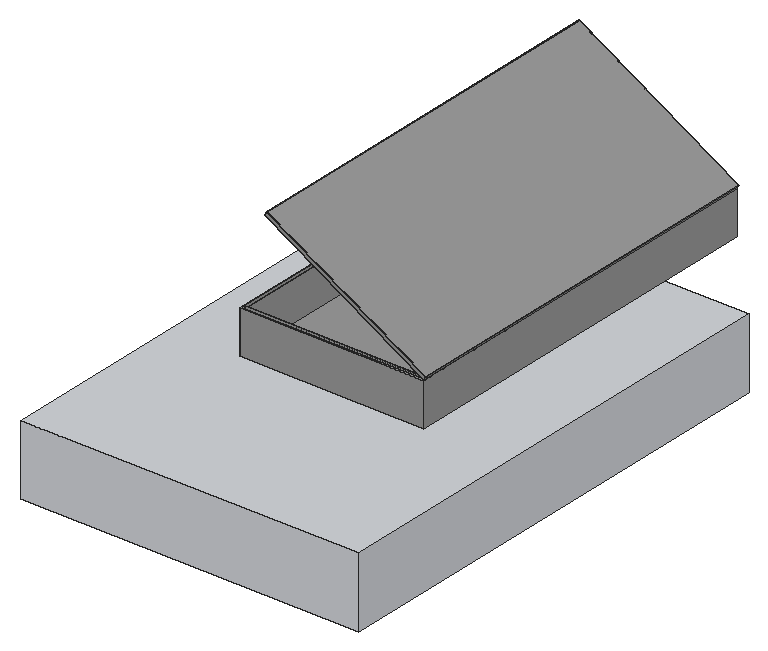
Revit family "Hager-Univers-IP44-D205-H1700-Cl.I-encl-PL-pl", category Equipement électrique, Revit 2020
Family settings
  Hôte = Face
  Configuration du panneau = Deux colonnes, circuits au sein
  Cote de connecteur circulaire = Utiliser le diamètre
  Type d'élément = Tableau de raccordement
  Couper avec des vides une fois chargée = Non
  Partagée = Non
  Point de calcul de pièce = Non
Parameters (values of type "Montaż natynkowy IP44 S800 W1700 G205  - FP13TN2")
  Width Control [instance] = if([EF000008 - Szerokość] > Min Width, [EF000008 - Szerokość], Min Width)  # 800 mm
  Commentaires du type = [HG000003 - Zakres]  # "Univers"
  Thickness Door [instance] = if([EF009171 - Drzwi/pokrywa z materiału o wysokiej wytrzymałości mechanicznej] > 3 mm, 3 mm, [EF009171 - Drzwi/pokrywa z materiału o wysokiej wytrzymałości mechanicznej])  # 1 mm
  Seal Frame Offset [instance] = 17 mm  # constant formula
  Plinth Visibility [instance] = [HG000027 - Wysokość cokołu] > 0 mm  # no
  Model = ""
  Min Width [instance] = 100 mm  # constant formula
  Min Height [instance] = 100 mm  # constant formula
  Min Depth [instance] = (2 * [EF009170 - Obudowa z materiału o wysokiej wytrzymałości mechanicznej]) + 1 mm  # 3 mm
  Internal Frame Depth [instance] = (Door System Depth * 0.5)  # 9 mm
  Height Control [instance] = if([EF000040 - Wysokość] > Min Height, [EF000040 - Wysokość], Min Height)  # 1700 mm
  HG000027 - Wysokość cokołu = 0 mm
  HG000026 - Stojąca = no
  HG000024 - Wysokość części dolnej = 800 mm
  HG000023 - Obudowa dwusekcyjna = no
  HG000016 - Widoczność drzwi w widoku 3D [instance] = yes
  HG000015 - Przestrzeń robocza - otwarcie drzwi [instance] = no
  HG000014 - Drzwi prawe [instance] = yes
  HG000013 - Drzwi lewe [instance] = not([HG000014 - Drzwi prawe])  # no
  HG000012 - Kąt otwarcia drzwi [instance] = 30.00°
  HG000010 - Drzwi asymetryczne = no
  HG000009 - Drzwi dwuskrzydłowe = no
  HG000006 - Montaż podtynkowy = no
  HG000004 - Referencja producenta = "FP13TN2"
  HG000003 - Zakres = "Univers"
  HG000002 - Z drzwiami lub pokrywą = yes
  Frame Offset Bottom [instance] = 10 mm  # constant formula
  Frame Offset [instance] = 15 mm  # constant formula
  EF015940 - Pokrywa z wyzwalaczem nadciśnieniowym = no
  EF011959 - Stopień ochrony (NEMA) = ""
  EF009554 - Liczba otworów pod flansze = 6
  Fabricant = "Hager"  # constant formula
  EF009212 - Wykonanie pokrywy = "EV000116 - Zamknięty"
  EF009171 - Drzwi/pokrywa z materiału o wysokiej wytrzymałości mechanicznej = 1 mm
  EF009170 - Obudowa z materiału o wysokiej wytrzymałości mechanicznej = 1 mm
  EF008873 - Prąd znamionowy (In) = 400 A
  EF007800 - Do ochrony odgromowej = no
  EF006306 - Z zamkiem = no
  EF006244 - Transparentna pokrywa/drzwi = no
  EF005474 - Stopień ochrony (IP) = "EV006418 - IP44"
  EF004464 - Rodzaj drzwi = "EV002646 - Pojedynczy"
  EF004427 - Liczba modułów = 396
  EF004293 - Odporność udarowa = "EV006815 - IK09"
  EF003532 - Do zastosowań zewnętrznych = no
  EF002950 - Szerokość wyrażona liczbą modułów = 36
  EF001613 - Podtrzymanie funkcji = "EV000494 - Brak"
  EF001596 - Materiał obudowy = "EV000179 - Stal"
  EF001131 - Głębokość wewnętrzna = 205 mm
  EF001088 - Możliwość rozbudowy = yes
  EF000437 - Liczba wejść kablowych = 6
  EF000339 - Rodzaj pokrywy = "EV001012 - Pokrywa"
  EF000266 - Liczba rzędów = 11
  EF000218 - Głębokość wbudowania = 205 mm
  EF000118 - Z płytą montażową = no
  EF000116 - Numer RAL = "9010"
  EF000049 - Głębokość = 205 mm
  EF000040 - Wysokość = 1700 mm
  EF000008 - Szerokość = 800 mm
  EF000007 - Kolor = "EV000202 - Biały"
  EF000003 - Sposób montażu = "EV000384 - Montaż natynkowy"
  Door System Leaf Tolerance [instance] = 1.5 mm  # constant formula
  Door System Depth [instance] = 18 mm  # constant formula
  Door Height [instance] = Height Control - [HG000027 - Wysokość cokołu]  # 1700 mm
  Depth Control [instance] = if([EF000049 - Głębokość] > Min Depth, [EF000049 - Głębokość], Min Depth)  # 205 mm
  Default Elevation = 0 mm
  Connector Offset [instance] = Height Control / 2  # 850 mm
  Bottom Top Plate Trim [instance] = 1.5 mm  # constant formula
  Plinth height Ctrl [instance] = if([HG000027 - Wysokość cokołu] > 0 mm, [HG000027 - Wysokość cokołu], 12 mm)  # 12 mm
Types (4, lengths in mm): name | Width Control | HG000010 - Drzwi asymetryczne | HG000009 - Drzwi dwuskrzydłowe | HG000004 - Referencja producenta | EF009554 - Liczba otworów pod flansze | EF008873 - Prąd znamionowy (In) | EF004464 - Rodzaj drzwi | EF004427 - Liczba modułów | EF002950 - Szerokość wyrażona liczbą modułów | EF000437 - Liczba wejść kablowych | EF000008 - Szerokość
  Montaż natynkowy IP44 S1300 W1700 G205  - FP15TN2 | 1300 | yes | yes | "FP15TN2" | 10 | 400 A | "EV003602 - Podwójny" | 660 | 60 | 10 | 1300
  Montaż natynkowy IP44 S300 W1700 G205  - FP11TN2 | 300 | no | no | "FP11TN2" | 2 | 250 A | "EV002646 - Pojedynczy" | 132 | 12 | 2 | 300
  Montaż natynkowy IP44 S550 W1700 G205  - FP12TN2 | 550 | no | no | "FP12TN2" | 4 | 250 A | "EV002646 - Pojedynczy" | 264 | 24 | 4 | 550
  Montaż natynkowy IP44 S800 W1700 G205  - FP13TN2 | 800 | no | no | "FP13TN2" | 6 | 400 A | "EV002646 - Pojedynczy" | 396 | 36 | 6 | 800
Reference planes
  plane 1 "Center (Front/Back)": y = 0
  plane 2: z = 0
  plane 3 "Center (Left/Right)": x = 0
  plane 4: z = 205
  plane 5: y = 1
  plane 6: y = 850
  plane 7: y = 0
  plane 8: y = 1700
  plane 9: z = 0
  plane 10: x = -385
  plane 11: x = 385
  plane 12: x = 384
  plane 13: x = -384
  plane 14: y = 1699
  plane 15: x = -383
  plane 16: x = -400
  plane 17: x = 383
  plane 18: x = 400
  plane 19: x = 399
  plane 20: x = -399
  plane 21: y = 11
  plane 22: y = 1700
  plane 23: y = 1684
  plane 24: z = 187
  plane 25: z = 1
  plane 26: z = 186
  plane 27: z = 204
Forms (mm)
  Extrusion 1, solid
    sketch origin (0, 0, 0) x (1, 0, 0) y (0, 1, 0)
      loop
        line (-702.964, 1305) -> (-702.964, -811.445) -> (766.763, -811.445) -> (766.763, 1305) -> (-702.964, 1305)
    from 0 to -304.8
  Extrusion 2, solid, material "Hager_Steel_RAL7035_Light_Grey", visible <- "Plinth Visibility", detail levels medium+fine
    sketch origin (0, 0, 0) x (1, 0, 0) y (0, 1, 0)
      loop
        line (-400, 0) -> (400, 0) -> (400, 12) -> (-400, 12) -> (-400, 0)
    from 0 to 187
  Extrusion 3, solid, material "Hager_Steel_RAL7035_Light_Grey", detail levels medium+fine
    sketch origin (0, 0, 0) x (1, 0, 0) y (0, 1, 0)
      loop
        line (-400, 0) -> (400, 0) -> (400, 1700) -> (-400, 1700) -> (-400, 0)
    from 0 to 187
  Extrusion 4, void
    sketch origin (0, 0, 0) x (1, 0, 0) y (0, 1, 0)
      loop
        line (-399, 1) -> (399, 1) -> (399, 1699) -> (-399, 1699) -> (-399, 1)
    from 1 to 186
  Extrusion 5, void
    sketch origin (-381.607, -4572, 187) x (0, -1, 0) y (-1, 0, 0)
      loop
        line (-4583, 2.393) -> (-6256, 2.393) -> (-6256, -765.607) -> (-4583, -765.607) -> (-4583, 2.393)
    from 0 to 1 <- "EF009170 - Obudowa z materiału o wysokiej wytrzymałości mechanicznej"
  Extrusion 6, solid, material "Hager_Steel_RAL7035_Light_Grey", detail levels fine
    sketch origin (0, 0, 187) x (1, 0, 0) y (0, 1, 0)
      loop
        line (-384, 1684) -> (-384, 11) -> (384, 11) -> (384, 1684) -> (-384, 1684)
      loop
        line (-385, 10) -> (385, 10) -> (385, 1685) -> (-385, 1685) -> (-385, 10)
    from 0 to 9 <- "Internal Frame Depth"
  Extrusion 7, solid, material "Hager_Steel_RAL7035_Light_Grey", detail levels coarse
    sketch origin (0, 0, 0) x (1, 0, 0) y (0, 1, 0)
      loop
        line (-400, 0) -> (400, 0) -> (400, 1700) -> (-400, 1700) -> (-400, 0)
    from 0 to 205
  Sweep 8, void
    path in 3D
      loop
        line (-400, 12, 0) -> (400, 12, 0) -> (400, 12, 187) -> (-400, 12, 187) -> (-400, 12, 0)
    profile origin (-400, 12, 93.5) x (-1, 0, 0) y (0, -1, 0)
      loop
        line (0, 0) -> (0, 1.5) -> (-1.5, 1.5)
        arc (-1.5, 1.5) -> (-1.061, 0.439) -> (0, 0) r 1.5
Cuts and joins
  Extrusion 4, Extrusion 5 cuts Extrusion 3
  Sweep 8 cuts Extrusion 2
Lines and regions (mm)
  Masking region 1
    outline origin (0, 0, 0) x (1, 0, 0) y (0, 0, 1)
      loop
        line (-400, 205) -> (-400, 0) -> (400, 0) -> (400, 205) -> (-400, 205)
  Masking region 2, detail levels medium+fine
    outline origin (0, 140, 0) x (0, 1, 0) y (0, 0, 1)
      loop
        line (-140, 0) -> (1560, 0) -> (1560, 187) -> (-140, 187) -> (-140, 0)
  Masking region 3, not visible, detail levels medium+fine
    outline origin (0, 297.922, 0) x (0, 1, 0) y (0, 0, 1)
      loop
        line (563.578, 0) -> (603.578, 0) -> (603.578, 194)
        arc (603.578, 194) -> (600.649, 201.071) -> (593.578, 204) r 10
        line (593.578, 204) -> (563.578, 204) -> (563.578, 0)
  Masking region 4, detail levels coarse
    outline origin (0, 0, 180) x (0, 1, 0) y (0, 0, 1)
      loop
        line (0, -180) -> (1700, -180) -> (1700, 25) -> (0, 25) -> (0, -180)
  Masking region 5, visible <- "Plinth Visibility", detail levels medium+fine
    outline origin (0, 52.24, 12.345) x (0, 0, -1) y (0, 1, 0)
      loop
        line (10.845, -40.24) -> (-173.155, -40.24)
        arc (-173.155, -40.24) -> (-173.594, -41.301) -> (-174.655, -41.74) r 1.5
        line (-174.655, -41.74) -> (-174.655, -52.24) -> (12.345, -52.24) -> (12.345, -41.74)
        arc (12.345, -41.74) -> (11.285, -41.301) -> (10.845, -40.24) r 1.5
  Masking region 6, detail levels medium+fine
    outline origin (-381.607, -4572, 187) x (-1, 0, 0) y (0, -1, 0)
      loop
        line (18.393, -6272) -> (18.393, -4572) -> (-781.607, -4572) -> (-781.607, -6272) -> (18.393, -6272)
  Masking region 7, visible <- "Plinth Visibility", detail levels medium+fine
    outline origin (-381.607, -4727, 187) x (-1, 0, 0) y (0, -1, 0)
      loop
        arc (16.893, -4739) -> (17.332, -4737.939) -> (18.393, -4737.5) r 1.5
        line (18.393, -4737.5) -> (18.393, -4727) -> (-781.607, -4727) -> (-781.607, -4737.5)
        arc (-781.607, -4737.5) -> (-780.546, -4737.939) -> (-780.107, -4739) r 1.5
        line (-780.107, -4739) -> (16.893, -4739)
  Masking region 8, detail levels coarse
    outline origin (-442.548, -4669.526, 187) x (-1, 0, 0) y (0, -1, 0)
      loop
        line (-42.548, -6369.526) -> (-42.548, -4669.526) -> (-842.548, -4669.526) -> (-842.548, -6369.526) -> (-42.548, -6369.526)
  sketch lines
    curve 1: line (-400, 12, 187) -> (-400, 12, 0)
    curve 2: line (400, 12, 187) -> (-400, 12, 187)
    curve 3: line (400, 12, 187) -> (400, 12, 0)
    curve 4: line (-400, 12, 0) -> (400, 12, 0)
Dimensions and locks
  "Depth Control": plane 4 to Extrusion 1
  "HG000027 - Wysokość cokołu": plane 1 "Center (Front/Back)" to plane 7
  "EF009170 - Obudowa z materiału o wysokiej wytrzymałości mechanicznej": plane 5 to plane 7
  locked: connector elem to plane 3 "Center (Left/Right)"
  equal spacing: plane 8, plane 6, plane 7
  locked: connector elem to plane 6
  "EF009170 - Obudowa z materiału o wysokiej wytrzymałości mechanicznej": plane 8 to plane 14
  "EF009170 - Obudowa z materiału o wysokiej wytrzymałości mechanicznej": plane 10 to plane 13
  "EF009170 - Obudowa z materiału o wysokiej wytrzymałości mechanicznej": plane 12 to plane 11
  "Frame Offset": plane 20 to plane 13
  "Frame Offset": plane 12 to plane 19
  "EF009170 - Obudowa z materiału o wysokiej wytrzymałości mechanicznej": plane 16 to plane 20
  "EF009170 - Obudowa z materiału o wysokiej wytrzymałości mechanicznej": plane 19 to plane 18
  "Seal Frame Offset": plane 16 to plane 15
  "Seal Frame Offset": plane 17 to plane 18
  "Frame Offset Bottom": plane 21 to plane 5
  "Frame Offset": plane 14 to plane 23
  equal spacing: plane 16, plane 3 "Center (Left/Right)", plane 18
  "Width Control": plane 16 to plane 18
  "EF009170 - Obudowa z materiału o wysokiej wytrzymałości mechanicznej": plane 4 to plane 27
  "EF009170 - Obudowa z materiału o wysokiej wytrzymałości mechanicznej": plane 24 to plane 26
  "EF009170 - Obudowa z materiału o wysokiej wytrzymałości mechanicznej": plane 25 to level
  "Door System Depth": plane 4 to plane 24
  "Height Control": plane 1 "Center (Front/Back)" to Extrusion 7 sketch curve
  "Height Control": Masking region 4 sketch curve to plane 1 "Center (Front/Back)"
  "Height Control": plane 1 "Center (Front/Back)" to plane 22
  "Bottom Top Plate Trim": profile plane to Sweep 8 sketch curve
  "Bottom Top Plate Trim": Sweep 8 sketch curve to profile plane
  "Plinth height Ctrl": plane 1 "Center (Front/Back)" to Extrusion 2 sketch curve
  "Plinth height Ctrl": Masking region 5 sketch curve to plane 1 "Center (Front/Back)"
  "Plinth height Ctrl": plane 1 "Center (Front/Back)" to Masking region 7 sketch curve
  "Thickness Door": Extrusion 6 sketch curve to Extrusion 6 sketch curve  (x3)
  "Thickness Door": cut or joined group of Extrusion 3, Extrusion 4, Extrusion 5 to Extrusion 6 sketch curve
  radius of Masking region 3 sketch curve = 10 mm
  "Bottom Top Plate Trim": radius of Masking region 5 sketch curve  (x2)
  "Bottom Top Plate Trim": radius of Sweep 8 sketch curve
  "Bottom Top Plate Trim": radius of Masking region 7 sketch curve  (x2)
  aligned and locked: plane 2 to Extrusion 1
  aligned and locked: level to Extrusion 1
  aligned and locked: level to Masking region 1 sketch curve
  aligned and locked: Masking region 1 sketch curve to plane 18
  aligned and locked: Masking region 1 sketch curve to plane 16
  aligned and locked: plane 7 to Masking region 2 sketch curve
  aligned and locked: level to Masking region 3 sketch curve
  aligned and locked: Masking region 3 sketch curve to plane 27
  aligned and locked: level to Masking region 2 sketch curve
  aligned and locked: plane 1 "Center (Front/Back)" to Extrusion 2 sketch curve
  aligned and locked: Extrusion 3 sketch curve to plane 7
  aligned and locked: plane 16 to Extrusion 3 sketch curve
  aligned and locked: plane 18 to Extrusion 3 sketch curve
  aligned and locked: plane 20 to Extrusion 4 sketch curve
  aligned and locked: plane 19 to Extrusion 4 sketch curve
  aligned and locked: Extrusion 4 sketch curve to plane 5
  aligned and locked: Extrusion 4 to plane 25
  aligned and locked: plane 26 to Extrusion 4
  aligned and locked: plane 24 to Extrusion 3
  aligned and locked: Extrusion 5 sketch curve to plane 21
  aligned and locked: Extrusion 5 sketch curve to plane 13
  aligned and locked: Extrusion 5 sketch curve to plane 12
  aligned and locked: plane 18 to Extrusion 7 sketch curve
  aligned and locked: plane 1 "Center (Front/Back)" to Extrusion 7 sketch curve
  aligned and locked: plane 16 to Extrusion 7 sketch curve
  aligned and locked: plane 4 to Extrusion 7
  aligned and locked: Extrusion 7 to level
  aligned and locked: level to Masking region 4 sketch curve
  aligned and locked: Masking region 4 sketch curve to plane 1 "Center (Front/Back)"
  aligned and locked: Masking region 4 sketch curve to plane 4
  aligned and locked: nested 1 to level
  aligned and locked: nested 1 to plane 16
  aligned and locked: plane 8 to Extrusion 3 sketch curve
  aligned and locked: plane 23 to Extrusion 5 sketch curve
  aligned and locked: plane 14 to Extrusion 4 sketch curve
  aligned and locked: Masking region 2 sketch curve to plane 8
  aligned and locked: level to Masking region 5 sketch curve
  aligned and locked: plane 16 to Extrusion 2 sketch curve
  aligned and locked: plane 18 to Extrusion 2 sketch curve
  aligned and locked: Masking region 5 sketch curve to plane 24
  aligned and locked: Masking region 2 sketch curve to plane 24
  aligned and locked: plane 24 to Extrusion 2
  aligned and locked: profile plane to Sweep 8 sketch curve  (x2)
  aligned and locked: Masking region 6 sketch curve to plane 18
  aligned and locked: Masking region 6 sketch curve to plane 22
  aligned and locked: Masking region 6 sketch curve to plane 16
  aligned and locked: plane 8 to plane 22
  aligned and locked: Masking region 6 sketch curve to plane 7
  aligned and locked: Masking region 7 sketch curve to plane 16
  aligned and locked: Masking region 7 sketch curve to plane 1 "Center (Front/Back)"
  aligned and locked: Masking region 7 sketch curve to plane 18
  aligned and locked: Masking region 8 sketch curve to plane 1 "Center (Front/Back)"
  aligned and locked: Masking region 8 sketch curve to plane 18
  aligned and locked: Masking region 8 sketch curve to plane 22
  aligned and locked: Masking region 8 sketch curve to plane 16
  aligned and locked: nested 2 to plane 7
  aligned and locked: plane 3 "Center (Left/Right)" to nested 2
  aligned and locked: nested 2 to plane 24
  aligned and locked: Extrusion 6 sketch curve to cut or joined group of Extrusion 3, Extrusion 4, Extrusion 5  (x4)
Automatic sketch dimensions
  Extrusion 1 sketch curve to Extrusion 1 sketch curve = 1469.727 mm
  Extrusion 1 sketch curve to Extrusion 1 sketch curve = 2116.445 mm
  Masking region 1 sketch curve to plane 4 = 0 mm
  plane 6 to Masking region 3 sketch curve = 11.5 mm
  Masking region 3 sketch curve to Masking region 3 sketch curve = 30 mm
  Masking region 5 sketch curve to plane 1 "Center (Front/Back)" = 0 mm
Nested families
  nested 1: "Hager_Enclosure_Symbol" at (-400, 0, 0) x (1, 0, 0) z (0, -1, 0), Height <- "Depth Control", Width <- "Width Control", type "Hager_Enclosure_Symbol"
    with Width_Ctrl 800 mm, Width 800 mm, Height_Ctrl 205 mm, Height 205 mm, A_Width_Int 13.453 mm, A_Width 161.438 mm, A_Height_Ctrl 179.375 mm, A_Height 179.375 mm
  nested 2: "EC000058_Univers_Door" at (0, 0, 187) x (1, 0, 0) z (0, 1, 0), Leaf_Tolerance <- "Door System Leaf Tolerance", Angle <- "HG000012 - Kąt otwarcia drzwi", Door_Depth <- "Door System Depth", Door_Left <- "HG000013 - Drzwi lewe", Transparent <- "EF006244 - Transparentna pokrywa/drzwi", Assymetrical <- "HG000010 - Drzwi asymetryczne", Width <- "Width Control", Clearance <- "HG000015 - Przestrzeń robocza - otwarcie drzwi", Double <- "HG000009 - Drzwi dwuskrzydłowe", 3d_Door <- "HG000016 - Widoczność drzwi w widoku 3D", Lock_Visibility <- "EF006306 - Z zamkiem", Width_Ctrl <- "Width Control", Door_Right <- "HG000014 - Drzwi prawe", Door <- "HG000002 - Z drzwiami lub pokrywą", Height <- "Door Height", Thickness <- "Thickness Door", type "EC000058_Univers_Door", detail levels medium+fine
    with min_wh 3 mm, Width_Ctrl 800 mm, Width 800 mm, Transparent no, Thickness 1 mm, Seal_Material Hager_Rubber, Lock_Visibility no, Lock_Material Hager_Plastic_RAL9005_Jet_Black, Leaf_Width 800 mm, Leaf_Tolerance_External_Sides 0 mm, Leaf_Tolerance 1.5 mm, Leaf_Offset 0 mm, Leaf_Height 1697 mm, Leaf_2_Width 800 mm, Leaf_2_Offset 400 mm, Leaf_1_Width 800 mm, Leaf_1_Offset 400 mm, Height_Ctrl 1700 mm, Height 1700 mm, Glass_Material Hager_Glass, Double_Clearance_Ctrl no, Double no, Door_Right_Ctrl yes, Door_Right yes, Door_Material Hager_Steel_RAL7035_Light_Grey, Door_Left_Ctrl no, Door_Left no, Door_Depth 18 mm, Door yes, Clearance_Material Hager_Clearance, Clearance_Depth 800 mm, Clearance_Ctrl no, Clearance no, Assymetrical no, Angle 30.00°, 3d_Door yes
Connectors
  electrical at (0, 850, 0)
    settings: on plane 9, index 1, voltage 0 V, apparent load 0 VA, apparent load phase1 0 VA, apparent load phase2 0 VA, apparent load phase3 0 VA, power factor 1, load classification "Other", number of poles 1, system type 30, power factor state 1, is connector primary yes, connector utility no, sub classification motor no, connector description ""
Definition of nested family "EC000058_Univers_Door"
  Parameters (values of type "EC000058_Univers_Door")
    min_wh [instance] = (2 * Thickness) + 1 mm  # 11 mm
    Width_Ctrl [instance] = 400 mm
    Width [instance] = 500 mm
    Transparent [instance] = yes
    Thickness [instance] = 5 mm
    Seal_Material [instance] = none
    Lock_Visibility [instance] = yes
    Lock_Material [instance] = none
    Leaf_Width [instance] = if((Width_Ctrl - 2 * Leaf_Tolerance_External_Sides) > 0 mm, (Width_Ctrl - 2 * Leaf_Tolerance_External_Sides), min_wh)  # 400 mm
    Leaf_Tolerance_External_Sides [instance] = 0 mm  # constant formula
    Leaf_Tolerance [instance] = 1.5 mm
    Leaf_Offset [instance] = 0 mm  # constant formula
    Leaf_Height [instance] = if((Height_Ctrl - 2 * Leaf_Tolerance) > 0 mm, (Height_Ctrl - 2 * Leaf_Tolerance), min_wh)  # 497 mm
    Leaf_2_Width [instance] = if(and(and(Double, Assymetrical), Door_Left), (Leaf_Width / 3) - (Leaf_Tolerance / 2), if(and(and(Double, Assymetrical), Door_Right), (Leaf_Width / 3) * 2 - (Leaf_Tolerance / 2), if(and(Double, not(Assymetrical)), (Leaf_Width / 2) - Leaf_Tolerance, Leaf_Width)))  # 400 mm
    Leaf_2_Offset [instance] = if(and(Double, Assymetrical), Leaf_2_Width / 2, if(and(Double, not(Assymetrical)), Leaf_Width / 4, Leaf_Width / 2))  # 200 mm
    Leaf_1_Width [instance] = if(and(and(Double, Assymetrical), Door_Right), (Leaf_Width / 3) - (Leaf_Tolerance / 2), if(and(and(Double, Assymetrical), Door_Left), (Width / 3) * 2 - (Leaf_Tolerance / 2), if(and(Double, not(Assymetrical)), (Leaf_Width / 2) - Leaf_Tolerance, Leaf_Width)))  # 400 mm
    Leaf_1_Offset [instance] = if(and(Double, Assymetrical), Leaf_1_Width / 2, if(and(Double, not(Assymetrical)), Leaf_Width / 4, Leaf_Width / 2))  # 200 mm
    Height_Ctrl [instance] = if(Height > min_wh, Height, min_wh)  # 500 mm
    Height [instance] = 500 mm
    Glass_Material [instance] = none
    Double_Clearance_Ctrl [instance] = and(Double, Clearance)  # no
    Double [instance] = no
    Door_Right_Ctrl [instance] = and(or(Door_Right, Double), Door)  # yes
    Door_Right [instance] = yes
    Door_Material [instance] = none
    Door_Left_Ctrl [instance] = and(or(Door_Left, Double), Door)  # no
    Door_Left [instance] = no
    Door_Depth [instance] = 30 mm
    Door [instance] = yes
    Default Elevation = 1219.2 mm
    Clearance_Material [instance] = none
    Clearance_Depth [instance] = if(Leaf_1_Width > Leaf_2_Width, Leaf_1_Width, Leaf_2_Width)  # 400 mm
    Clearance_Ctrl [instance] = and(not(Double), Clearance)  # yes
    Clearance [instance] = yes
    Assymetrical [instance] = yes
    Angle [instance] = 30.00°
    3d_Door [instance] = yes
  Reference planes
    plane 1 "Center (Front/Back)": y = 0
    plane 2 "Bottom": z = 0
    plane 3 "Center (Left/Right)": x = 0
    plane 4: z = 500
    plane 5: x = -200
    plane 6: x = 200
    plane 7: z = 500
    plane 8: x = -200
    plane 9: z = 0
    plane 10: x = 200
    plane 11: y = 0
    plane 12: z = 1.5
    plane 13: x = -600
    plane 14: y = -400
    plane 15: x = 600
    plane 16: x = 0
    plane 17: x = 0
    plane 18: x = -200
    plane 19: x = 200
    plane 20: z = 498.5
  Forms (mm)
    Extrusion 1, solid, material <- "Clearance_Material", visible <- "Double_Clearance_Ctrl"
      sketch origin (1200, 0, 0) x (1, 0, 0) y (0, 0, -1)
        loop
          line (-1800, -498.5) -> (-600, -498.5) -> (-600, 0) -> (-1800, 0) -> (-1800, -498.5)
      from 0 to -400
  Dimensions and locks
    equal spacing: plane 5, plane 3 "Center (Left/Right)", plane 6
    "Width_Ctrl": plane 5 to plane 6
    "Leaf_Offset": plane 5 to plane 8
    "Leaf_Offset": plane 6 to plane 10
    "Leaf_Offset": plane 9 to level
    "Leaf_Offset": plane 4 to plane 7
    "Height_Ctrl": plane 4 to level
    "Leaf_Tolerance": plane 12 to plane 9
    locked: plane 11 to plane 1 "Center (Front/Back)"
    "Leaf_1_Offset": plane 18 to plane 16
    "Leaf_2_Offset": plane 17 to plane 19
    "Leaf_1_Width": plane 13 to plane 8
    "Leaf_2_Width": plane 10 to plane 15
    "Clearance_Depth": plane 14 to plane 1 "Center (Front/Back)"
    "Leaf_Tolerance_External_Sides": plane 8 to plane 18
    "Leaf_Tolerance_External_Sides": plane 19 to plane 10
    "Leaf_Tolerance": plane 7 to plane 20
    aligned and locked: level to plane 2 "Bottom"
    aligned and locked: nested 1 to plane 16
    aligned and locked: nested 2 to plane 17
    aligned and locked: Extrusion 1 to plane 13
    aligned and locked: plane 15 to Extrusion 1
    aligned and locked: Extrusion 1 to plane 14
    aligned and locked: plane 12 to nested 1
    aligned and locked: nested 2 to plane 12
    aligned and locked: Extrusion 1 to plane 11
    aligned and locked: plane 20 to Extrusion 1
    aligned and locked: nested 2 to plane 11
    aligned and locked: nested 1 to plane 11
  Automatic sketch dimensions
    Extrusion 1 sketch curve to level = 0 mm
    plane 5 to Extrusion 1 sketch curve = 400 mm
    plane 6 to Extrusion 1 sketch curve = 400 mm
    Extrusion 1 sketch curve to plane 4 = 1.5 mm
  Nested families
    nested 1: "EC000058_Univers_Door_Leaf" at (0, 0, 1.5), Width <- "Leaf_1_Width", visible <- "Door_Left_Ctrl", Leaf_Height <- "Leaf_Height", Angle <- "Angle", 3d_Door <- "3d_Door", Transparent <- "Transparent", Clearance Material <- "Clearance_Material", Clearance <- "Clearance_Ctrl", Door_Material <- "Door_Material", Glass_Material <- "Glass_Material", Door_Depth <- "Door_Depth", Lock_Material <- "Lock_Material", Seal_Material <- "Seal_Material", Lock_Visibility <- "Lock_Visibility", Thickness <- "Thickness", type "EC000058_Univers_Door_Leaf"
      with Width 400 mm, Transparent_Glass_Offset 30 mm, Transparent_Ctrl yes, Transparent yes, Thickness 5 mm, Standard no, Seal_Material none, Seal_D2 8 mm, Seal_D1 1 mm, Offset_Internal_Frame 10 mm, Lock_Width 20 mm, Lock_Visibility_3d yes, Lock_Visibility yes, Lock_Thickness_3 3 mm, Lock_Thickness_2 1 mm, Lock_Thickness_1 3 mm, Lock_Radius_Offset_2 16 mm, Lock_Radius_Offset_1 15 mm, Lock_Radius_2 5 mm, Lock_Radius 6 mm, Lock_Offset 5 mm, Lock_Material none, Lock_Height 80 mm, Lock_Cover_Top_Offset_2d 17 mm, Lock_Cover_Height -65 mm, Leaf_Height 497 mm, Internal_Seal_Thickness 8 mm, Internal_Seal_Depth_2 4.5 mm, Internal_Frame_Depth 25 mm, Glass_Thickness -1 mm, Glass_Offset -2 mm, Glass_Material none, Door_Material none, Door_Depth 30 mm, Clearance Material none, Clearance yes, Angle_Ctrl 30.00°, Angle 30.00°, 3d_Door yes
    nested 2: "EC000058_Univers_Door_Leaf" at (0, 0, 1.5) x (-1, 0, 0) z (0, 0, 1), Width <- "Leaf_2_Width", visible <- "Door_Right_Ctrl", Leaf_Height <- "Leaf_Height", Angle <- "Angle", 3d_Door <- "3d_Door", Transparent <- "Transparent", Clearance Material <- "Clearance_Material", Clearance <- "Clearance_Ctrl", Door_Material <- "Door_Material", Glass_Material <- "Glass_Material", Door_Depth <- "Door_Depth", Lock_Material <- "Lock_Material", Seal_Material <- "Seal_Material", Lock_Visibility <- "Lock_Visibility", Thickness <- "Thickness", type "EC000058_Univers_Door_Leaf"
      with Width 400 mm, Transparent_Glass_Offset 30 mm, Transparent_Ctrl yes, Transparent yes, Thickness 5 mm, Standard no, Seal_Material none, Seal_D2 8 mm, Seal_D1 1 mm, Offset_Internal_Frame 10 mm, Lock_Width 20 mm, Lock_Visibility_3d yes, Lock_Visibility yes, Lock_Thickness_3 3 mm, Lock_Thickness_2 1 mm, Lock_Thickness_1 3 mm, Lock_Radius_Offset_2 16 mm, Lock_Radius_Offset_1 15 mm, Lock_Radius_2 5 mm, Lock_Radius 6 mm, Lock_Offset 5 mm, Lock_Material none, Lock_Height 80 mm, Lock_Cover_Top_Offset_2d 17 mm, Lock_Cover_Height -65 mm, Leaf_Height 497 mm, Internal_Seal_Thickness 8 mm, Internal_Seal_Depth_2 4.5 mm, Internal_Frame_Depth 25 mm, Glass_Thickness -1 mm, Glass_Offset -2 mm, Glass_Material none, Door_Material none, Door_Depth 30 mm, Clearance Material none, Clearance yes, Angle_Ctrl 30.00°, Angle 30.00°, 3d_Door yes
  Definition of nested family "EC000058_Univers_Door_Leaf"
    Parameters (values of type "EC000058_Univers_Door_Leaf")
      Width [instance] = 2000 mm
      Transparent_Glass_Offset [instance] = 30 mm
      Transparent_Ctrl [instance] = and(Transparent, [3d_Door])  # yes
      Transparent [instance] = yes
      Thickness [instance] = 5 mm
      Standard [instance] = and(not(Transparent), [3d_Door])  # no
      Seal_Material [instance] = none
      Seal_D2 [instance] = 8 mm  # constant formula
      Seal_D1 [instance] = 1 mm  # constant formula
      Offset_Internal_Frame [instance] = 10 mm  # constant formula
      Lock_Width [instance] = 20 mm  # constant formula
      Lock_Visibility_3d [instance] = and(Lock_Visibility, [3d_Door])  # yes
      Lock_Visibility [instance] = yes
      Lock_Thickness_3 [instance] = 3 mm  # constant formula
      Lock_Thickness_2 [instance] = 1 mm  # constant formula
      Lock_Thickness_1 [instance] = 3 mm  # constant formula
      Lock_Radius_Offset_2 [instance] = Lock_Radius_Offset_1 + 1 mm  # 16 mm
      Lock_Radius_Offset_1 [instance] = 15 mm  # constant formula
      Lock_Radius_2 [instance] = Lock_Radius - 1 mm  # 5 mm
      Lock_Radius [instance] = 6 mm  # constant formula
      Lock_Offset [instance] = 5 mm  # constant formula
      Lock_Material [instance] = none
      Lock_Height [instance] = 80 mm  # constant formula
      Lock_Cover_Top_Offset_2d [instance] = Lock_Radius_Offset_2 + 1 mm  # 17 mm
      Lock_Cover_Height [instance] = -(Lock_Height - Lock_Radius_Offset_1)  # -65 mm
      Leaf_Height [instance] = 2720.336 mm
      Internal_Seal_Thickness [instance] = 8 mm  # constant formula
      Internal_Seal_Depth_2 [instance] = 4.5 mm  # constant formula
      Internal_Frame_Depth [instance] = if(Door_Depth - Thickness > 5 mm, Door_Depth - Thickness, 5 mm)  # 25 mm
      Glass_Thickness [instance] = if(Thickness > 15 mm, Glass_Offset + 10 mm, -1 mm)  # -1 mm
      Glass_Offset [instance] = if(Thickness > 15 mm, -(Thickness + 10 mm) / 2, -2 mm)  # -2 mm
      Glass_Material [instance] = none
      Door_Material [instance] = none
      Door_Depth [instance] = 30 mm
      Default Elevation = 0 mm
      Clearance Material [instance] = none
      Clearance [instance] = yes
      Angle_Ctrl [instance] = if(Angle > 180.00°, 180.00°, Angle)  # 90.00°
      Angle [instance] = 90.00°
      3d_Door [instance] = yes
    Reference planes
      plane 1 "Center (Front/Back)": y = 0
      plane 2: z = 0
      plane 3 "Center (Left/Right)": x = 0
      plane 4: y = 2000
      plane 5: x = -1000
      plane 6: x = 1000
      plane 7: x = -3000
      plane 8: z = 2720.336
      plane 9: z = 30
      plane 10: z = 2690.336
      plane 11: x = 970
      plane 12: x = -970
      plane 13: y = -3
      plane 14: z = 107.833
      plane 15: y = -5
      plane 16: y = -223.314
      plane 17: x = -1000
      plane 18: z = 1360.168
      plane 19: y = 30
    Forms (mm)
      Extrusion 1, solid, material <- "Clearance Material", visible <- "Clearance"
        sketch origin (0, 0, 0) x (1, 0, 0) y (0, 0, 1)
          loop
            line (-3000, 2720.336) -> (-3000, 0) -> (1000, 0) -> (1000, 2720.336) -> (-3000, 2720.336)
        from 0 to -2000
      Extrusion 2, solid, material <- "Door_Material", visible <- "Standard", detail levels medium+fine
        sketch origin (-1000, 0, 0) x (0, 1, 0) y (-1, 0, 0)
          loop
            line (0, 30) -> (0, 25) -> (2000, 25) -> (2000, 30) -> (0, 30)
        from 0 to 2720.336 <- "Leaf_Height"
      Extrusion 3, solid, material <- "Door_Material", visible <- "Transparent_Ctrl", detail levels medium+fine
        sketch origin (-1000, 0, 0) x (0, 1, 0) y (-1, 0, 0)
          loop
            line (0, 25) -> (2000, 25) -> (2000, 30) -> (0, 30) -> (0, 25)
        from 0 to 2720.336 <- "Leaf_Height"
      Extrusion 4, void
        sketch origin (-1025, 2000, 0) x (0, 1, 0) y (0, 0, -1)
          loop
            line (-30, -2690.336) -> (-30, -30) -> (-1970, -30) -> (-1970, -2690.336) -> (-30, -2690.336)
        from 0 to 5 <- "Thickness"
      Sweep 5, solid, material <- "Seal_Material", visible <- "Transparent_Ctrl", detail levels fine
        path in 3D
          loop
            line (-1025, 30, 30) -> (-1025, 30, 2690.336) -> (-1025, 1970, 2690.336) -> (-1025, 1970, 30) -> (-1025, 30, 30)
        profile origin (-1025, 1000, 30) x (1, 0, 0) y (0, 0, 1)
          loop
            line (0, 0) -> (0, -8) -> (1, -8) -> (1, 0) -> (0, 0)
      Extrusion 6, solid, material <- "Glass_Material", visible <- "Transparent_Ctrl", detail levels medium+fine
        sketch origin (-1030, 0, 0) x (0, 1, 0) y (0, 0, -1)
          loop
            line (1970, -2690.336) -> (1970, -30) -> (30, -30) -> (30, -2690.336) -> (1970, -2690.336)
        from -2 <- "Glass_Offset" to -1 <- "Glass_Thickness"
      Extrusion 7, solid, material <- "Door_Material", visible <- "3d_Door", detail levels medium+fine
        sketch origin (-1025, 2000, 0) x (0, -1, 0) y (0, 0, -1)
          loop
            line (0, -2720.336) -> (2000, -2720.336) -> (2000, 0) -> (0, 0) -> (0, -2720.336)
          loop
            line (1995, -5) -> (5, -5) -> (5, -2715.336) -> (1995, -2715.336) -> (1995, -5)
        from 0 to 25 <- "Internal_Frame_Depth"
      Sweep 8, solid, material <- "Seal_Material", visible <- "Transparent_Ctrl", detail levels fine
        path in 3D
          loop
            line (-1025, 0, 0) -> (-1025, 2000, 0) -> (-1025, 2000, 2720.336) -> (-1025, 0, 2720.336) -> (-1025, 0, 0)
        profile origin (-1025, 0, 1360.168) x (1, 0, 0) y (0, 1, 0)
          loop
            line (0, 10) -> (2.975, 10)
            arc (2.975, 10) -> (4.053, 10.447) -> (4.5, 11.525) r 1.525
            line (4.5, 11.525) -> (4.5, 16.527)
            arc (4.5, 16.527) -> (4.069, 17.569) -> (3.027, 18) r 1.473
            line (3.027, 18) -> (0, 18) -> (0, 10)
      Extrusion 9, solid, material <- "Lock_Material", visible <- "Lock_Visibility_3d", detail levels fine
        sketch origin (-1030, 0, 0) x (0, 1, 0) y (0, 0, -1)
          loop
            arc (1993.5, -1400.168) -> (1994.561, -1399.729) -> (1995, -1398.668) r 1.5
            line (1995, -1398.668) -> (1995, -1320.168) -> (1975, -1320.168) -> (1975, -1398.668)
            arc (1975, -1398.668) -> (1975.439, -1399.729) -> (1976.5, -1400.168) r 1.5
            line (1976.5, -1400.168) -> (1993.5, -1400.168)
        from 3 <- "Lock_Thickness_1" to 0
      Blend 10, solid, material <- "Lock_Material", visible <- "Lock_Visibility_3d", detail levels fine
        base sketch origin (-1033, 0, 0) x (0, 1, 0) y (0, 0, -1)
          loop
            line (1975, -1320.168) -> (1975, -1398.668)
            arc (1975, -1398.668) -> (1975.439, -1399.729) -> (1976.5, -1400.168) r 1.5
            line (1976.5, -1400.168) -> (1993.5, -1400.168)
            arc (1993.5, -1400.168) -> (1994.561, -1399.729) -> (1995, -1398.668) r 1.5
            line (1995, -1398.668) -> (1995, -1320.168) -> (1975, -1320.168)
        top sketch origin (-1033, 0, 0) x (0, 1, 0) y (0, 0, -1)
          loop
            line (1976, -1320.168) -> (1976, -1398.668)
            arc (1976, -1398.668) -> (1976.146, -1399.022) -> (1976.5, -1399.168) r 0.5
            line (1976.5, -1399.168) -> (1993.5, -1399.168)
            arc (1993.5, -1399.168) -> (1993.854, -1399.022) -> (1994, -1398.668) r 0.5
            line (1994, -1398.668) -> (1994, -1320.168) -> (1976, -1320.168)
        from 0 to 1 <- "Lock_Thickness_2"
      Blend 11, solid, material <- "Lock_Material", visible <- "Lock_Visibility_3d", detail levels fine
        base sketch origin (-1034, 0, 0) x (0, 1, 0) y (0, 0, -1)
          loop
            line (1978, -1320.168) -> (1978, -1384.168)
            arc (1978, -1384.168) -> (1985, -1391.168) -> (1992, -1384.168) r 7
            line (1992, -1384.168) -> (1992, -1320.168) -> (1978, -1320.168)
        top sketch origin (-1034, 0, 0) x (0, 1, 0) y (0, 0, -1)
          loop
            line (1991, -1320.168) -> (1979, -1320.168) -> (1979, -1383.168)
            arc (1979, -1383.168) -> (1985, -1389.168) -> (1991, -1383.168) r 6
            line (1991, -1383.168) -> (1991, -1320.168)
        from 0 to 3 <- "Lock_Thickness_3"
      Extrusion 12, solid, material <- "Lock_Material", visible <- "Lock_Visibility_3d", detail levels fine
        sketch origin (-1030, 1975, 1320.168) x (1, 0, 0) y (0, -1, 0)
          loop
            line (-7, -19) -> (-7, -1) -> (0, -1) -> (0, 0) -> (-8, 0) -> (-8, -20) -> (0, -20) -> (0, -19) -> (-7, -19)
        from 0 to -65 <- "Lock_Cover_Height"
      Extrusion 13, void
        sketch origin (-1038, 1995, 1320.168) x (-1, 0, 0) y (0, 0, -1)
          loop
            line (-5, -65) -> (0, -65) -> (-5, -60) -> (-5, -65)
        from 0 to 20 <- "Lock_Width"
      Extrusion 14, void
        sketch origin (-1038, 1975, 1320.168) x (0, -1, 0) y (0, 0, -1)
          loop
            circle (-10, -15.995) r 6
          loop
            circle (-10, -15.995) r 5
        from 0 to 2
      Extrusion 15, solid, material <- "Lock_Material", visible <- "Lock_Visibility_3d", detail levels medium
        sketch origin (-1030, 0, 0) x (0, 1, 0) y (0, 0, -1)
          loop
            arc (1993.5, -1400.168) -> (1994.561, -1399.729) -> (1995, -1398.668) r 1.5
            line (1995, -1398.668) -> (1995, -1320.168) -> (1975, -1320.168) -> (1975, -1398.668)
            arc (1975, -1398.668) -> (1975.439, -1399.729) -> (1976.5, -1400.168) r 1.5
            line (1976.5, -1400.168) -> (1993.5, -1400.168)
        from 8 to 0
    Cuts and joins
      Extrusion 4 cuts Extrusion 3
      Extrusion 13, Extrusion 14 cuts Extrusion 9
      Extrusion 14 cuts Blend 11
      Extrusion 13, Extrusion 14 cuts Extrusion 12
      joined: Extrusion 9, Blend 10, Blend 11, Extrusion 12
      Extrusion 14 cuts Extrusion 15
    Lines and regions (mm)
      Masking region 1, visible <- "Lock_Visibility", detail levels fine
        outline origin (0, 0, 0) x (0, 1, 0) y (0, 0, 1)
          loop
            line (30, 1320.168) -> (33, 1320.168) -> (33, 1400.168) -> (30, 1400.168) -> (30, 1320.168)
      Masking region 2, visible <- "Lock_Visibility", detail levels fine
        outline origin (0, 3.143, 0) x (0, 1, 0) y (0, 0, 1)
          loop
            line (29.857, 1354.168) -> (30.857, 1354.168) -> (30.857, 1366.168) -> (29.857, 1366.168) -> (29.857, 1354.168)
      Masking region 3, detail levels medium+fine
        outline origin (0, 0, 0) x (0, 1, 0) y (0, 0, 1)
          loop
            line (0, 0) -> (30, 0) -> (30, 2720.336) -> (0, 2720.336) -> (0, 0)
      Masking region 4, detail levels medium+fine
        outline origin (0, 0, 0) x (1, 0, 0) y (0, 0, 1)
          loop
            line (-1000, 2720.336) -> (-1000, 0) -> (1000, 0) -> (1000, 2720.336) -> (-1000, 2720.336)
      Masking region 5, visible <- "Lock_Visibility", detail levels fine
        outline origin (-47.116, 0, 0) x (1, 0, 0) y (0, 0, 1)
          loop
            arc (1024.616, 1399.168) -> (1023.556, 1398.729) -> (1023.116, 1397.668) r 1.5
            line (1023.116, 1397.668) -> (1023.116, 1320.168) -> (1041.116, 1320.168) -> (1041.116, 1397.668)
            arc (1041.116, 1397.668) -> (1040.677, 1398.729) -> (1039.616, 1399.168) r 1.5
            line (1039.616, 1399.168) -> (1024.616, 1399.168)
      Masking region 6, visible <- "Lock_Visibility", detail levels medium+fine
        outline origin (-25, 0, 0) x (1, 0, 0) y (0, 0, 1)
          loop
            arc (1001.5, 1400.168) -> (1000.439, 1399.729) -> (1000, 1398.668) r 1.5
            line (1000, 1398.668) -> (1000, 1320.168) -> (1020, 1320.168) -> (1020, 1398.668)
            arc (1020, 1398.668) -> (1019.561, 1399.729) -> (1018.5, 1400.168) r 1.5
            line (1018.5, 1400.168) -> (1001.5, 1400.168)
      Masking region 7, visible <- "Lock_Visibility", detail levels fine
        outline origin (-73.735, 0, 0) x (1, 0, 0) y (0, 0, 1)
          loop
            line (1051.735, 1382.168) -> (1065.735, 1382.168) -> (1065.735, 1384.168)
            arc (1065.735, 1384.168) -> (1058.735, 1391.168) -> (1051.735, 1384.168) r 7
            line (1051.735, 1384.168) -> (1051.735, 1382.168)
      Masking region 8, visible <- "Lock_Visibility", detail levels fine
        outline origin (-73.735, 0, 0) x (1, 0, 0) y (0, 0, 1)
          loop
            line (1052.735, 1382.168) -> (1064.735, 1382.168) -> (1064.735, 1383.168)
            arc (1064.735, 1383.168) -> (1058.735, 1389.168) -> (1052.735, 1383.168) r 6
            line (1052.735, 1383.168) -> (1052.735, 1382.168)
      Masking region 9, visible <- "Lock_Visibility", detail levels fine
        outline origin (-25, 0, 0) x (1, 0, 0) y (0, 0, 1)
          loop
            line (1020, 1320.168) -> (1020, 1382.168) -> (1000, 1382.168) -> (1000, 1320.168) -> (1020, 1320.168)
      Masking region 10, detail levels medium+fine
        outline origin (0, 0, 0) x (1, 0, 0) y (0, 0, 1)
          loop
            circle (985, 1335.144) r 6
      Masking region 11, detail levels fine
        outline origin (0, 0, 0) x (1, 0, 0) y (0, 0, 1)
          loop
            circle (985, 1335.144) r 5
      Masking region 12, visible <- "Lock_Visibility", detail levels fine
        outline origin (0, 12.767, 0) x (0, 1, 0) y (0, 0, 1)
          loop
            line (20.233, 1320.168) -> (21.233, 1320.168) -> (21.233, 1399.168) -> (20.233, 1400.168) -> (20.233, 1320.168)
      Masking region 13, visible <- "Lock_Visibility", detail levels fine
        outline origin (0, 13.767, -10) x (0, 1, 0) y (0, 0, 1)
          loop
            line (20.233, 1330.168) -> (23.233, 1330.168) -> (23.233, 1399.168) -> (20.233, 1402.168) -> (20.233, 1330.168)
      Masking region 14, visible <- "Lock_Visibility", detail levels fine
        outline origin (0, 12.767, -10) x (0, 1, 0) y (0, 0, 1)
          loop
            line (20.233, 1330.168) -> (25.233, 1330.168) -> (25.233, 1399.305) -> (20.233, 1394.305) -> (20.233, 1330.168)
      Masking region 15, visible <- "Lock_Visibility", detail levels medium
        outline origin (0, 0, 0) x (0, 1, 0) y (0, 0, 1)
          loop
            line (30, 1320.168) -> (38, 1320.168) -> (38, 1400.168) -> (30, 1400.168) -> (30, 1320.168)
      Masking region 16, visible <- "Lock_Visibility", detail levels fine
        outline origin (-1000, 0, 0) x (0, 1, 0) y (-1, 0, 0)
          loop
            line (1975, 30) -> (1995, 30) -> (1995, 38) -> (1975, 38) -> (1975, 30)
          loop
            line (1979, 37) -> (1976, 37) -> (1976, 34) -> (1978, 34) -> (1979, 37)
          loop
            line (1994, 37) -> (1991, 37) -> (1992, 34) -> (1994, 34) -> (1994, 37)
      Masking region 17, visible <- "Lock_Visibility", detail levels medium
        outline origin (-1000, 0, 0) x (0, 1, 0) y (-1, 0, 0)
          loop
            line (1975, 30) -> (1995, 30) -> (1995, 38) -> (1975, 38) -> (1975, 30)
      symbolic lines
        curve 1: line (1000, 0, 0) -> (-3000, 0, 0)
        curve 2: arc (1000, 0, 0) -> (-1000, 2000, 0) -> (-3000, 0, 0) r 2000
        curve 4: line (-1030, 0, 0) -> (-1030, 2000, 0)
      reference lines
        curve 3: line (-1000, 0, 0) -> (-1000, 2000, 0)
      symbolic lines, detail levels medium+fine
        curve 5: line (-1030, 2000, 0) -> (-1025, 2000, 0)
        curve 7: line (-1025, 0, 0) -> (-1030, 0, 0)
        curve 8: line (-1025, 0, 0) -> (-1000, 0, 0)
        curve 9: line (-1000, 0, 0) -> (-1000, 2000, 0)
        curve 10: line (-1000, 2000, 0) -> (-1025, 2000, 0)
      symbolic lines, detail levels fine
        curve 6: line (-1025, 2000, 0) -> (-1025, 0, 0)
      sketch lines
        curve 11: line (-1025, 0, 2720.336) -> (-1025, 0, 0)
        curve 12: line (-1025, 2000, 0) -> (-1025, 0, 0)
        curve 13: line (-1025, 2000, 2720.336) -> (-1025, 2000, 0)
        curve 14: line (-1025, 0, 2720.336) -> (-1025, 2000, 2720.336)
        curve 15: line (-1025, 1970, 30) -> (-1025, 30, 30)
        curve 16: line (-1025, 30, 30) -> (-1025, 30, 2690.336)
        curve 17: line (-1025, 1970, 2690.336) -> (-1025, 1970, 30)
        curve 18: line (-1025, 30, 2690.336) -> (-1025, 1970, 2690.336)
      symbolic lines, visible <- "Transparent", detail levels medium+fine
        curve 19: line (-970, 0, 2690.336) -> (970, 0, 2690.336)
        curve 20: line (-970, 0, 30) -> (-970, 0, 2690.336)
        curve 21: line (970, 0, 30) -> (-970, 0, 30)
        curve 22: line (970, 0, 2690.336) -> (970, 0, 30)
    Dimensions and locks
      "Width": plane 1 "Center (Front/Back)" to plane 4
      equal spacing: plane 5, plane 3 "Center (Left/Right)", plane 6
      "Width": plane 5 to plane 6
      "Width": plane 7 to plane 5
      "Leaf_Height": plane 8 to level
      "Width": curve 5 to curve 3
      "Width": curve 3 to curve 3
      plane 8 to plane 10 = 30 mm
      plane 9 to level = 30 mm
      plane 12 to plane 5 = 30 mm
      plane 6 to plane 11 = 30 mm
      Extrusion 1 to Extrusion 4 sketch curve = 30 mm
      "Transparent_Glass_Offset": curve 3 to Extrusion 4 sketch curve
      "Transparent_Glass_Offset": Extrusion 4 sketch curve to cut or joined group of Extrusion 3, Extrusion 4  (x2)
      cut or joined group of Extrusion 3, Extrusion 4 to Extrusion 6 sketch curve = 30 mm
      "Transparent_Glass_Offset": cut or joined group of Extrusion 3, Extrusion 4 to Extrusion 4 sketch curve
      "Thickness": curve 6 to curve 4
      "Thickness": Extrusion 7 sketch curve to Extrusion 7 sketch curve  (x4)
      "Door_Depth": curve 4 to curve 3
      "Offset_Internal_Frame": profile plane to Sweep 8 sketch curve
      "Internal_Seal_Thickness": Sweep 8 sketch curve to Sweep 8 sketch curve
      "Internal_Seal_Depth_2": profile plane to Sweep 8 sketch curve
      "Seal_D1": profile plane to Sweep 5 sketch curve
      "Seal_D2": profile plane to Sweep 5 sketch curve
      "Thickness": Extrusion 2 sketch curve to Extrusion 2 sketch curve
      equal spacing: Extrusion 9 sketch curve, plane 18, Extrusion 9 sketch curve  (x2)
      equal spacing: Masking region 1 sketch curve, plane 18, Masking region 1 sketch curve
      "Lock_Height": Masking region 1 sketch curve to Masking region 1 sketch curve
      "Lock_Radius": Masking region 2 sketch curve to plane 18 to Masking region 2 sketch curve
      Masking region 2 sketch curve to Masking region 1 = 1 mm
      "Door_Depth": plane 19 to plane 1 "Center (Front/Back)"
      "Lock_Thickness_1": Masking region 1 sketch curve to plane 19
      "Lock_Width": Extrusion 9 sketch curve to Extrusion 9 sketch curve
      "Lock_Height": Extrusion 9 sketch curve to Extrusion 9 sketch curve
      "Lock_Offset": cut or joined group of Extrusion 3, Extrusion 4 to Extrusion 9 sketch curve
      equal spacing: plane 8, plane 18, level
      "Lock_Radius_Offset_1": Blend 11 sketch curve to Blend 10
      locked: Blend 10 to Blend 11 sketch curve at 2  (x2)
      locked: var sketch to Blend 11 sketch curve at 1  (x2)
      "Lock_Radius_Offset_2": Blend 11 sketch curve to Blend 10
      locked: Extrusion 12 sketch curve to Extrusion 12 sketch curve at 1  (x3)
      Masking region 6 sketch curve to Masking region 6 sketch curve = 80 mm
      "Lock_Height": Masking region 6 sketch curve to Masking region 6 sketch curve
      "Lock_Width": Masking region 6 sketch curve to Masking region 6 sketch curve
      locked: Masking region 6 to Masking region 5 sketch curve at 1  (x3)
      locked: Masking region 5 to Masking region 7 sketch curve at 2  (x2)
      "Lock_Radius_Offset_1": Masking region 5 to Masking region 7 sketch curve
      "Lock_Radius_Offset_2": Masking region 5 to Masking region 8 sketch curve
      locked: Masking region 7 to Masking region 8 sketch curve at 1  (x2)
      "Lock_Cover_Top_Offset_2d": Masking region 5 to Masking region 9 sketch curve
      equal spacing: Masking region 9, Masking region 10 sketch curve, Masking region 9
      equal spacing: Masking region 9, Masking region 11 sketch curve, Masking region 9
      Extrusion 15 sketch curve to Extrusion 15 sketch curve = 80 mm
      "Lock_Width": Extrusion 15 sketch curve to Extrusion 15 sketch curve
      "Lock_Height": Extrusion 15 sketch curve to Extrusion 15 sketch curve
      equal spacing: Extrusion 15 sketch curve, plane 18, Extrusion 15 sketch curve
      "Lock_Thickness_3": Masking region 13 sketch curve to Masking region 13 sketch curve
      "Lock_Height": Masking region 12 sketch curve to Masking region 12 sketch curve
      locked: Masking region 13 sketch curve to Masking region 1 at 8
      locked: Masking region 14 sketch curve to Masking region 13 at 1
      locked: Masking region 14 sketch curve to Masking region 1 at 10.863
      "Lock_Height": Masking region 15 sketch curve to Masking region 15 sketch curve
      "Lock_Offset": Extrusion 15 sketch curve to cut or joined group of Extrusion 3, Extrusion 4
      "Lock_Offset": plane 6 to Masking region 6 sketch curve
      radius of Sweep 8 sketch curve = 1.525 mm
      radius of Sweep 8 sketch curve = 1.473 mm
      radius of Extrusion 9 sketch curve = 1.5 mm  (x2)
      "Lock_Radius": radius of Extrusion 14 sketch curve
      "Lock_Radius_2": radius of Extrusion 14 sketch curve
      "Lock_Radius": radius of Masking region 10 sketch curve
      "Lock_Radius_2": radius of Masking region 11 sketch curve
      radius of Extrusion 15 sketch curve = 1.5 mm  (x2)
      "Angle_Ctrl": angle plane 1 "Center (Front/Back)" to curve 3
      locked: Masking region 12 sketch curve to Masking region 12 sketch curve (angle 45.00°)
      locked: Masking region 13 sketch curve to Masking region 13 sketch curve (angle 45.00°)
      locked: Masking region 14 sketch curve to Masking region 14 sketch curve (angle 45.00°)
      aligned and locked: level to plane 2
      aligned and locked: Extrusion 1 to curve 1
      aligned and locked: plane 6 to Extrusion 1
      aligned and locked: Extrusion 1 to plane 1 "Center (Front/Back)"
      aligned and locked: plane 4 to Extrusion 1
      aligned and locked: plane 8 to Extrusion 1
      aligned and locked: curve 7 to Extrusion 2 sketch curve
      aligned and locked: curve 5 to Extrusion 2 sketch curve
      aligned and locked: curve 7 to Extrusion 3 sketch curve
      aligned and locked: Extrusion 3 sketch curve to curve 4
      aligned and locked: Extrusion 3 sketch curve to curve 6
      aligned and locked: Extrusion 3 sketch curve to curve 5
      aligned and locked: curve 9 to curve 3
      aligned and locked: Extrusion 7 sketch curve to cut or joined group of Extrusion 3, Extrusion 4  (x4)
      aligned and locked: plane 17 to curve 3
      aligned and locked: plane 1 "Center (Front/Back)" to curve 3
      aligned and locked: plane 17 to plane 5
      aligned and locked: Sweep 8 sketch curve to profile plane
      aligned and locked: Sweep 5 sketch curve to profile plane  (x2)
      aligned and locked: Masking region 1 to Masking region 2 sketch curve
      aligned and locked: plane 19 to Masking region 1 sketch curve
      aligned and locked: plane 1 "Center (Front/Back)" to Masking region 3 sketch curve
      aligned and locked: plane 19 to Masking region 3 sketch curve
      aligned and locked: level to Masking region 3 sketch curve
      aligned and locked: Masking region 3 sketch curve to plane 8
      aligned and locked: plane 17 to Masking region 4 sketch curve
      aligned and locked: level to Masking region 4 sketch curve
      aligned and locked: Masking region 4 sketch curve to plane 8
      aligned and locked: plane 12 to curve 20
      aligned and locked: plane 10 to curve 19
      aligned and locked: plane 11 to curve 22
      aligned and locked: curve 21 to plane 9
      aligned and locked: Extrusion 2 sketch curve to cut or joined group of Extrusion 3, Extrusion 4
      aligned and locked: Blend 10 sketch curve to Extrusion 9  (x4)
      aligned and locked: Extrusion 9 to Blend 10 sketch curve
      aligned and locked: Blend 10 to Blend 11 sketch curve
      aligned and locked: Extrusion 12 sketch curve to Blend 11
      aligned and locked: Extrusion 12 sketch curve to Extrusion 9  (x4)
      aligned and locked: Masking region 5 sketch curve to Masking region 6
      aligned and locked: Masking region 9 sketch curve to Masking region 6  (x3)
      aligned and locked: Masking region 12 sketch curve to Masking region 1
      aligned and locked: Masking region 13 sketch curve to Masking region 1
      aligned and locked: Masking region 12 to Masking region 14
      aligned and locked: Masking region 14 sketch curve to Masking region 1
      aligned and locked: Masking region 15 sketch curve to Masking region 14
      aligned and locked: Masking region 13 sketch curve to Masking region 12
      aligned and locked: Masking region 16 sketch curve to cut or joined group of Extrusion 14, Extrusion 15  (x4)
      aligned and locked: Masking region 16 sketch curve to cut or joined group of Extrusion 9, Blend 10, Blend 11, Extrusion 12, Extrusion 13, Extrusion 14  (x6)
      aligned and locked: cut or joined group of Extrusion 9, Blend 10, Blend 11, Extrusion 12, Extrusion 13, Extrusion 14 to Masking region 16 sketch curve
      aligned and locked: Masking region 17 sketch curve to cut or joined group of Extrusion 14, Extrusion 15  (x3)
      aligned and locked: Masking region 17 sketch curve to cut or joined group of Extrusion 9, Blend 10, Blend 11, Extrusion 12, Extrusion 13, Extrusion 14
      aligned and locked: Masking region 9 to Masking region 8 sketch curve
      aligned and locked: Masking region 9 to Masking region 7 sketch curve
    Automatic sketch dimensions
      plane 1 "Center (Front/Back)" to curve 2 = 0 mm
      curve 2 to plane 5 = 0 mm
      Extrusion 1 sketch curve to level = 0 mm
      Extrusion 1 sketch curve to plane 7 = 0 mm
      Extrusion 1 sketch curve to plane 6 = 0 mm
      Extrusion 1 sketch curve to plane 8 = 0 mm
      Extrusion 3 to Extrusion 6 sketch curve = 30 mm  (x4)
      Masking region 4 sketch curve to plane 6 = 0 mm
      Blend 10 sketch curve to Extrusion 9 = 1.5 mm
      Blend 10 sketch curve to Extrusion 9 = 1 mm
      Extrusion 13 sketch curve to Extrusion 12 = 0 mm  (x2)
      Extrusion 12 to Extrusion 13 sketch curve = 3 mm
      Extrusion 13 sketch curve to Extrusion 12 = 5 mm
      Extrusion 14 sketch curve to Extrusion 14 sketch curve = 0 mm  (x2)
      Extrusion 14 sketch curve to Extrusion 12 = 10 mm
      Extrusion 14 sketch curve to Extrusion 12 = 15.995 mm
      Masking region 5 sketch curve to Masking region 5 sketch curve = 1.5 mm  (x2)
      Masking region 10 sketch curve to plane 18 = 25.024 mm
      Masking region 11 sketch curve to plane 18 = 25.024 mm
      plane 19 to Masking region 14 sketch curve = 3 mm
      Masking region 16 sketch curve to Masking region 16 sketch curve = 3 mm
      curve 4 to curve 3 = 0 mm
      Blend 10 to Blend 11 sketch curve = 0 mm
      Masking region 6 sketch curve to Masking region 6 sketch curve = 1.5 mm  (x2)
      Masking region 6 sketch curve to plane 18 = 40 mm
      plane 19 to Masking region 12 sketch curve = 3 mm
      Masking region 12 sketch curve to Masking region 12 sketch curve = 1 mm
      Masking region 15 sketch curve to plane 19 = 0 mm
      Masking region 15 sketch curve to plane 18 = 40 mm
      radius of Blend 10 sketch curve to Extrusion 9 = 1 mm
Definition of nested family "Hager_Enclosure_Symbol"
  Parameters (values of type "Hager_Enclosure_Symbol")
    Width_Ctrl [instance] = if(Width > 1 mm, Width, 1 mm)  # 102.27 mm
    Width [instance] = 102.27 mm
    Height_Ctrl [instance] = if(Height > 1 mm, Height, 1 mm)  # 66.5 mm
    A_Width_Int [instance] = if(A_Width / 12 > 2 mm, A_Width / 12, 2 mm)  # 4.364 mm
    A_Width [instance] = if(A_Height_Ctrl * 0.9 > 2 mm, A_Height_Ctrl * 0.9, 2 mm)  # 52.369 mm
    A_Height_Ctrl [instance] = if(A_Height > 2 mm, A_Height, 2 mm)  # 58.188 mm
    Height [instance] = 66.5 mm
    A_Height [instance] = Height - (Height / 8)  # 58.188 mm
  Reference planes
    plane 1 "Centre (avant/arrière)": y = 0
    plane 2: z = 0
    plane 3 "Centre (gauche/droite)": x = 0
    plane 4: x = 52.369
    plane 5: y = 33.042
    plane 6: y = 41.77
    plane 7: y = 66.5
    plane 8: x = 26.184
    plane 9: y = 37.406
    plane 10: x = 102.27
    plane 11: y = 66.5
    plane 12: y = 8.313
  Lines and regions (mm)
    Filled region 1, type "Solid_Black", in view "Niveau de réf."
      outline origin (0, 0, 0) x (1, 0, 0) y (0, 1, 0)
        loop
          line (52.369, 66.5) -> (33.188, 54.536) -> (45.365, 45.006) -> (52.369, 66.5)
    Filled region 2, type "Solid_Black", in view "Niveau de réf."
      outline origin (0, 0, 0) x (1, 0, 0) y (0, 1, 0)
        loop
          line (0, 0) -> (102.27, 0) -> (102.27, 66.5) -> (0, 0)
    detail lines, in view "Niveau de réf."
      curve 1: line (0, 8.313, 0) -> (26.184, 41.77, 0)
      curve 2: line (26.184, 41.77, 0) -> (26.184, 33.042, 0)
      curve 3: line (26.184, 33.042, 0) -> (52.369, 66.5, 0)
  Dimensions and locks
    "A_Width": plane 3 "Centre (gauche/droite)" to plane 4
    equal spacing: plane 3 "Centre (gauche/droite)", plane 8, plane 4
    equal spacing: plane 6, plane 9, plane 5
    equal spacing: curve 3, Filled region 1 sketch curve, Filled region 1 sketch curve
    "Height_Ctrl": plane 1 "Centre (avant/arrière)" to plane 11
    "A_Height_Ctrl": plane 11 to plane 12
    equal spacing: plane 11, plane 9, plane 12
    "A_Width_Int": plane 6 to plane 9
    "Width_Ctrl": plane 3 "Centre (gauche/droite)" to plane 10
    angle Filled region 1 sketch curve to curve 3 = 20.00°
    angle curve 3 to Filled region 1 sketch curve = 20.00°
    locked: curve 3 to Filled region 1 sketch curve (angle 90.00°)
    aligned and locked: plane 10 to Filled region 2
    aligned and locked: plane 11 to Filled region 2 sketch curve
    aligned and locked: plane 10 to Filled region 2 sketch curve
    aligned and locked: plane 3 "Centre (gauche/droite)" to curve 1
    aligned and locked: plane 12 to curve 1
    aligned and locked: plane 7 to plane 11
  Automatic sketch dimensions
    Filled region 1 sketch curve to plane 4 = 0 mm
    Filled region 1 sketch curve to plane 7 = 0 mm
    plane 1 "Centre (avant/arrière)" to Filled region 2 sketch curve = 0 mm
    Filled region 2 sketch curve to plane 3 "Centre (gauche/droite)" = 0 mm
    curve 2 to plane 6 = 0 mm
    curve 2 to plane 8 = 0 mm
    curve 3 to plane 4 = 0 mm
    curve 2 to plane 5 = 0 mm
    curve 3 to plane 7 = 0 mm
